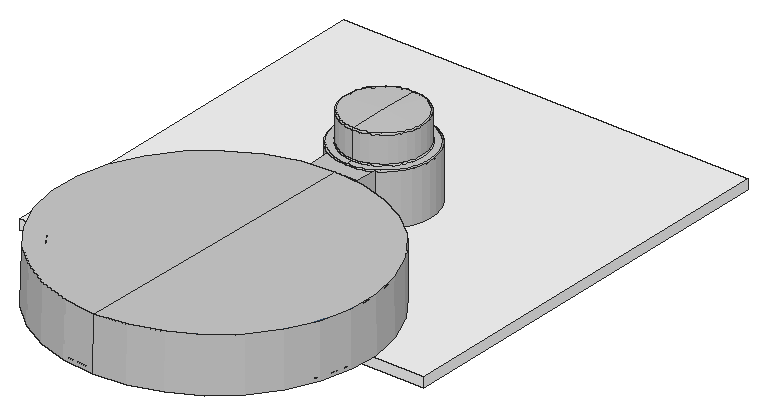
Revit family "BE_99402_de_DE", category Leuchten, Revit 2015
Parameters (values of type "BEGA_99402_Silber_K4")
  built-in parameter 1150104 = 11.679 (stored number, unit not read)
  Windangriffsfläche = "0.03 m²"
  Werkzeuglos = ""
  Wattage = 21 W
  Default Elevation = 0 mm
  built-in parameter 1150113 = 1 (stored number, unit not read)
  built-in parameter 1114218 = 1 (stored number, unit not read)
  Umgebungstemperatur = ""
  URL = "http://www.bega.de/produkt/99402"
  Typenkommentare = "© 2016 BEGA. Wir behalten uns das Recht vor, technische Änderungen ohne vorherige Ankündigung vorzunehmen."  # constant formula
  Type Image = 99402.png
  built-in parameter 1150134 = 12
  built-in parameter 1150109 = 1 (stored number, unit not read)
  Strom = ""
  built-in parameter 1150110 = 1 (stored number, unit not read)
  Spannung = 239.996 V
  Sonderanfertigung = no
  Seriennummer [instance] = "Hier können Sie die eindeutige Seriennummer für das Facility Management eintragen."
  Schutzklasse = "I"
  Schutzart = "IP 65"
  Scheinlast = 0 VA
  Produktdatenblatt = "http://www.bega.de/download/Xrfa/db/99402.db.de.pdf"
  Oberflächentemperatur = ""
  Neigungswinkel = 0.00°
  Modell = "99402A"
  Material_17 = BEGA_Reflektor
  Material_15 = BEGA_Leuchtmedium_matt
  Material_11 = BEGA_Glas_opal
  Material_10 = BEGA_Glas_matt
  Material_09 = BEGA_Glas_klar
  Material_06 = BEGA_Oberfläche_Edelstahl_gebürstet
  Material_03 = BEGA_Oberfläche_Weiss_matt
  Material_02 = BEGA_Oberfläche_Silber_matt
  Material_01 [instance] = BEGA_Oberfläche_Grafit_matt
  Mastzopfhöhe_h = ""
  Mastzopfdurchmesser_d = ""
  Mastzopf_Ø [instance] = "76 mm"  # constant formula
  Masthöhe_H = ""
  Mastdurchmesser_unten_Ø = ""
  Mast Gruppe = ""
  M_W = no
  M_G = no
  M_A = yes
  Logo = 0
  built-in parameter 1114217 = 1 (stored number, unit not read)
  built-in parameter 1150139 = (empty or 0)
  built-in parameter 1150105 = 210.08 (stored number, unit not read)
  built-in parameter 1150114 = 1 (stored number, unit not read)
  Lumens = 2639.91 lm
  Lichtpunkthöhe [instance] = ""
  built-in parameter 1150115 = 1 (stored number, unit not read)
  Leuchtenlichtstrom = "1742 lm"
  Leuchtenanzahl = ""
  Lebensdauerkriterien = "L70 = 50.000 h"
  Lastklassifizierung = Beleuchtung
  built-in parameter 1150112 = 1 (stored number, unit not read)
  Lampenlichtstrom = "2640 lm"
  Lampe = "LED 21 W"
  LED_Modulbezeichnung = "LED-0298/840, LED-0302/840 "
  built-in parameter 1150142 = (empty or 0)
  Hersteller = "BEGA"  # constant formula
  Halbstreuwinkel = ""
  Gewicht = "3.9 kg"
  Frequenz = "0/50-60 Hz"
  Farbwiedergabeindex = "Ra > 80"
  Farbtemperaturverschiebung bei Dämpfen der Lampe = <Keine Auswahl>
  Farbtemperatur = "4000 K"
  Color Filter = 16777215
  Erdstücklänge_E = ""
  built-in parameter 1150133 = 10 (stored number, unit not read)
  Energieeffizienzklasse = "LED A++ - A"
  Einstecktiefe = "50 mm"
  built-in parameter 1150137 = (empty or 0)
  built-in parameter 1150132 = (empty or 0)
  Einbauöffnung = ""
  Einbautiefe = ""
  ENEC = "ja"
  Durchmesser_Fussplatte_D = ""
  Datei für fotometrisches Netz = "BE_99402.IES"
  CE_Konformität = "ja"
  Bestellnummer = "99402A"
  Beschreibung_Sonderanfertigung = "Hier können Sie Informationen zur Sonderanfertigung eintragen."
  Beschreibung = "Aufsatzleuchte"
  built-in parameter 1150106 = 2.1008 (stored number, unit not read)
  Befestigungsbohrung = ""
  Befestigungsabstand = ""
  BEGA_Neigung_Z2 [instance] = 0.00°
  BEGA_Neigung_Z1 [instance] = 0.00°
  BEGA_Neigung_Y2 [instance] = 0.00°
  BEGA_Neigung_Y1 [instance] = 0.00°
  BEGA_Neigung_X2 [instance] = 0.00°
  BEGA_Neigung_X1 [instance] = 0.00°
  BEGA_Intern_aus = yes
  BEGA_Intern_an = yes
  BEGA_Intern_Konstruktion = yes
  BEGA_Intern = yes
  BEGA_Infotext_Winkel [instance] = no
  BEGA_IES_Z2 = 0 mm
  BEGA_IES_Z1 = 0 mm
  BEGA_IES_Y2 = 0 mm
  BEGA_IES_Y1 = 0 mm
  BEGA_IES_X2 = 0 mm
  BEGA_IES_X1 = 0 mm
  BEGA_IES3 = yes
  BEGA_IES2 = yes
  BEGA_IES1 = yes
  BEGA_IES = yes
  BEGA_Dummy = no
  Anschlussleitung = "5.0 m H05RN-F 3 G 1²"
  Anschlussleistung [instance] = "24.5 W"
  built-in parameter 1150107 = 4000 (stored number, unit not read)
  built-in parameter 1150102 = (empty or 0)
  built-in parameter 1150138 = (empty or 0)
  Aktualisierung = "2016-10-11T04:14:01"
  Abstand_zur_angestrahlten_Fläche [instance] = ""
  AC/DC = "AC/DC"
Types (4, lengths in mm): name | built-in parameter 1150104 | built-in parameter 1150134 | Modell | M_G | M_A | built-in parameter 1150105 | Lumens | Leuchtenlichtstrom | Lampenlichtstrom | LED_Modulbezeichnung | Farbtemperatur | Datei für fotometrisches Netz | Bestellnummer | built-in parameter 1150106 | built-in parameter 1150107
  BEGA_99402_Grafit_K4 | 11.679 (stored number, unit not read) | 12 | "99402" | yes | no | 210.08 (stored number, unit not read) | 2639.91 lm | "1742 lm" | "2640 lm" | "LED-0298/840, LED-0302/840 " | "4000 K" | "BE_99402.IES" | "99402" | 2.1008 (stored number, unit not read) | 4000 (stored number, unit not read)
  BEGA_99402_Grafit_K3 | 10.883 (stored number, unit not read) | (empty or 0) | "99402K3" | yes | no | 195.76 (stored number, unit not read) | 2459.94 lm | "1603 lm" | "2460 lm" | "LED-0298/830, LED-0302/830 " | "3000 K" | "BE_99402K3.IES" | "99402K3" | 1.9576 (stored number, unit not read) | 3000 (stored number, unit not read)
  BEGA_99402_Silber_K4 | 11.679 (stored number, unit not read) | 12 | "99402A" | no | yes | 210.08 (stored number, unit not read) | 2639.91 lm | "1742 lm" | "2640 lm" | "LED-0298/840, LED-0302/840 " | "4000 K" | "BE_99402.IES" | "99402A" | 2.1008 (stored number, unit not read) | 4000 (stored number, unit not read)
  BEGA_99402_Silber_K3 | 10.883 (stored number, unit not read) | (empty or 0) | "99402AK3" | no | yes | 195.76 (stored number, unit not read) | 2459.94 lm | "1603 lm" | "2460 lm" | "LED-0298/830, LED-0302/830 " | "3000 K" | "BE_99402K3.IES" | "99402AK3" | 1.9576 (stored number, unit not read) | 3000 (stored number, unit not read)
Reference planes
  plane 1 "Mitte (Vorne/Hinten)": y = 0
  plane 2: z = 0
  plane 3 "Mitte (Links/Rechts)": x = 0
  plane 4 "Links": x = -150.016
  plane 5 "Rechts": x = 150.016
  plane 6 "Unten": y = -359.989
  plane 7 "Oben": y = 46.5
  plane 8 "Vorne": z = 79.233
  plane 9 "Hinten": z = -19.426
Forms (mm)
  Extrusion 1, solid, material "BEGA_Platte_Weiss"
    sketch origin (0, -1119.2, 0) x (1, 0, 0) y (0, 1, 0)
      loop
        line (-200, 1319.2) -> (-200, 919.2) -> (200, 919.2) -> (200, 1319.2) -> (-200, 1319.2)
    from 0 to -10
  Extrusion 2, solid, material "BEGA_Dummy_matt", visible <- "BEGA_Dummy"
    sketch origin (80.095, -76.023, 0) x (1, 0, 0) y (0, 1, 0)
      loop
        line (-230.111, 122.523) -> (-230.111, -283.966) -> (69.92, -283.966) -> (69.92, 122.523) -> (-230.111, 122.523)
    from 0 to 79.233
Dimensions and locks
  plane 1 "Mitte (Vorne/Hinten)" to Extrusion 1 = 200 mm
  aligned and locked: plane 2 to Extrusion 1
  aligned and locked: level to Extrusion 1
Nested families
  nested 1: "BE_99402" at (0, -210.012, 0) x (0, 1, 0) z (0, 0, 1), type "BE_99402"
Connectors
  electrical at (0, 0, 0), driven by "Lastklassifizierung", driven by "Spannung", driven by "Scheinlast"
    settings: index 1, voltage 239.996 V, apparent load 0 VA, apparent load phase1 0 VA, apparent load phase2 0 VA, apparent load phase3 0 VA, power factor 1, load classification "Beleuchtung", number of poles 1, system type 31, power factor state 1, is connector primary yes, connector utility no, sub classification motor no, connector description ""
Definition of nested family "BE_99402"
  Parameters (values of type "BE_99402")
    Default Elevation = 1 mm
    URL = "http://www.bega.de/de/produkt"
    Type Comments = "© 2015 BEGA. Wir behalten uns das Recht vor, technische Änderungen ohne vorherige Ankündigung vorzunehmen. "  # constant formula
    Type Image = (empty or 0)
    Material_17 = none
    Material_15 = none
    Material_11 = none
    Material_10 = none
    Material_09 = none
    Material_06 = none
    Material_03 = none
    Material_02 = none
    Material_01 = none
    M_W = yes
    M_G = yes
    M_A = yes
    Länge_Platte = 600 mm  # constant formula
    Höhe_Platte = -10 mm  # constant formula
    Manufacturer = "BEGA"  # constant formula
    Breite_Platte = 400 mm  # constant formula
  Reference planes
    plane 1 "Mitte (Oben/Unten)": y = 0
    plane 2: z = 0
    plane 3 "Mitte (Links/Rechts)": x = 0
    plane 4 "Vorne": z = 79.233
    plane 5 "Hinten": z = -19.426
    plane 6 "Unten": y = -150.016
    plane 7: x = -149.977
    plane 8: x = 256.512
    plane 9: y = 150.016
  Forms (mm)
    Extrusion 1, solid, detail levels medium
      sketch origin (0, 0, 0) x (1, 0, 0) y (0, 1, 0)
        loop
          line (-300, 200) -> (-300, -200) -> (300, -200) -> (300, 200) -> (-300, 200)
      from 0 to -10 <- "Höhe_Platte"
    Revolve 2, solid, material <- "Material_01", visible <- "M_G", detail levels medium+fine
      sketch origin (0, 0, 0) x (0.999848, 0, -0.017452) y (0.017452, 0, 0.999848)
        loop
          line (-150, 0) -> (-146.753, 0) -> (-146.425, 18.8) -> (-131.5, 18.8) -> (-131.02, 46.3) -> (0, 46.3) -> (0, 53) -> (-149.075, 53) -> (-150, 0)
        axis (0, 53) -> (0, 0)
      angle from 0 to 360
    Revolve 3, solid, material <- "Material_01", visible <- "M_G", detail levels medium+fine
      sketch origin (0, 0, 0) x (0.999848, 0, -0.017452) y (0.017452, 0, 0.999848)
        loop
          line (146.087, 8.3) -> (128.675, 8.3) -> (128.493, 3.1) -> (124.364, 3.1) -> (124.45, 1.447)
          arc (124.45, 1.447) -> (124.762, 0.773) -> (125.452, 0.5) r 1
          line (125.452, 0.5) -> (144.848, 0.5)
          arc (144.848, 0.5) -> (145.543, 0.78) -> (145.849, 1.465) r 1
          line (145.849, 1.465) -> (146.087, 8.3)
        axis (0, 0.5) -> (0, 8.3)
      angle from 0 to 360
    Revolve 4, solid, material <- "Material_10", detail levels medium+fine
      sketch origin (0, 0, 0) x (0.999848, 0, -0.017452) y (0.017452, 0, 0.999848)
        loop
          line (-128, 7.4) -> (-128, 3.4) -> (0, 3.4) -> (0, 7.4) -> (-128, 7.4)
        axis (0, 7.4) -> (0, 3.4)
      angle from 0 to 360
    Revolve 5, solid, material <- "Material_01", visible <- "M_G", detail levels medium+fine
      sketch origin (0, 0, 0) x (0.999848, 0, -0.017452) y (0.017452, 0, 0.999848)
        loop
          line (256.812, -14.947) -> (255.607, 54.077)
          arc (255.607, 54.077) -> (255.315, 54.766) -> (254.626, 55.06) r 1
          line (254.626, 55.06) -> (248.051, 55.174)
          arc (248.051, 55.174) -> (247.362, 55.467) -> (247.07, 56.157) r 1
          line (247.07, 56.157) -> (246.62, 81.908)
          arc (246.62, 81.908) -> (246.321, 82.603) -> (245.62, 82.89) r 1
          line (245.62, 82.89) -> (208.597, 82.89) -> (208.659, 79.349) -> (239.682, 79.89)
          arc (239.682, 79.89) -> (241.06, 79.34) -> (241.68, 77.992) r 2
          line (241.68, 77.992) -> (243.157, 49.791)
          arc (243.157, 49.791) -> (243.474, 49.111) -> (244.174, 48.843) r 1
          line (244.174, 48.843) -> (246.714, 48.887)
          arc (246.714, 48.887) -> (247.419, 48.613) -> (247.731, 47.923) r 1
          line (247.731, 47.923) -> (249.93, -15.067) -> (256.812, -14.947)
        axis (208.597, 82.89) -> (210.319, -15.758)
      angle from 0 to 360
    Extrusion 6, solid, material <- "Material_01", visible <- "M_G", detail levels medium+fine
      sketch origin (0, 0, 0) x (0.999848, 0, -0.017452) y (0, 1, 0)
        loop
          arc (147.345, 22.644) -> (148.642, 11.355) -> (149.075, 0) r 149.075
          arc (149.075, 0) -> (148.642, -11.355) -> (147.345, -22.644) r 149.075
          line (147.345, -22.644) -> (170.134, -23.439)
          arc (170.134, -23.439) -> (163.797, 0) -> (170.134, 23.439) r 46.522
          line (170.134, 23.439) -> (147.345, 22.644)
      from 1.885 to 53
    Revolve 7, void
      sketch origin (-0.146, 0, -8.367) x (0.999848, 0, -0.017452) y (0, 1, 0)
        loop
          line (210.319, -37.973) -> (206.13, -37.973) -> (206.13, -47.514) -> (210.319, -47.514) -> (210.319, -37.973)
        axis (210.319, -47.514) -> (210.319, -37.973)
      angle from 0 to 360
    Revolve 8, void
      sketch origin (315.285, 182.142, -13.873) x (-0.499924, -0.866025, 0.008726) y (0.865894, -0.5, -0.015114)
        loop
          line (210.319, -37.973) -> (206.13, -37.973) -> (206.13, -47.514) -> (210.319, -47.514) -> (210.319, -37.973)
        axis (210.319, -47.514) -> (210.319, -37.973)
      angle from 0 to 360
    Revolve 9, void
      sketch origin (315.285, -182.142, -13.873) x (-0.499924, 0.866025, 0.008726) y (-0.865894, -0.5, 0.015114)
        loop
          line (210.319, -37.973) -> (206.13, -37.973) -> (206.13, -47.514) -> (210.319, -47.514) -> (210.319, -37.973)
        axis (210.319, -47.514) -> (210.319, -37.973)
      angle from 0 to 360
    Extrusion 10, solid, material <- "Material_06", detail levels fine
      sketch origin (0, 0, 0) x (0.999848, 0, -0.017452) y (0.017452, 0, 0.999848)
        loop
          circle (210.319, -8.368) r 4
      from 37.828 to 46.437
    Extrusion 11, solid, material <- "Material_06", detail levels fine
      sketch origin (315.431, 182.142, -5.506) x (-0.499924, -0.866025, 0.008726) y (0.017452, 0, 0.999848)
        loop
          circle (210.319, -8.368) r 4
      from 37.828 to 46.437
    Extrusion 12, solid, material <- "Material_06", detail levels fine
      sketch origin (315.431, -182.142, -5.506) x (-0.499924, 0.866025, 0.008726) y (0.017452, 0, 0.999848)
        loop
          circle (210.319, -8.368) r 4
      from 37.828 to 46.437
    Revolve 13, void
      sketch origin (0, 0, 0) x (0.999848, 0, -0.017452) y (0.017452, 0, 0.999848)
        loop
          line (-135.5, 0.3) -> (-135.5, 3.748) -> (-140.262, 3.748) -> (-140.262, 0.3) -> (-135.5, 0.3)
        axis (-135.5, 3.748) -> (-135.5, 0.3)
      angle from 0 to 360
    Revolve 14, void
      sketch origin (0, 0, 0) x (-0.499924, -0.866025, 0.008726) y (0.017452, 0, 0.999848)
        loop
          line (-135.5, 0.3) -> (-135.5, 3.748) -> (-140.262, 3.748) -> (-140.262, 0.3) -> (-135.5, 0.3)
        axis (-135.5, 3.748) -> (-135.5, 0.3)
      angle from 0 to 360
    Revolve 15, void
      sketch origin (0, 0, 0) x (-0.499924, 0.866025, 0.008726) y (0.017452, 0, 0.999848)
        loop
          line (-135.5, 0.3) -> (-135.5, 3.748) -> (-140.262, 3.748) -> (-140.262, 0.3) -> (-135.5, 0.3)
        axis (-135.5, 3.748) -> (-135.5, 0.3)
      angle from 0 to 360
    Revolve 16, solid, material <- "Material_06", detail levels fine
      sketch origin (0, 0, 0) x (0.999848, 0, -0.017452) y (0.017452, 0, 0.999848)
        loop
          line (-135.5, 3.748) -> (-139.75, 3.748) -> (-139.75, 0.3) -> (-135.5, 0.3) -> (-135.5, 3.748)
        axis (-135.5, 3.748) -> (-135.5, 0.3)
      angle from 0 to 360
    Revolve 17, solid, material <- "Material_06", detail levels fine
      sketch origin (0, 0, 0) x (-0.499924, -0.866025, 0.008726) y (0.017452, 0, 0.999848)
        loop
          line (-135.5, 3.748) -> (-139.75, 3.748) -> (-139.75, 0.3) -> (-135.5, 0.3) -> (-135.5, 3.748)
        axis (-135.5, 3.748) -> (-135.5, 0.3)
      angle from 0 to 360
    Revolve 18, solid, material <- "Material_06", detail levels fine
      sketch origin (0, 0, 0) x (-0.499924, 0.866025, 0.008726) y (0.017452, 0, 0.999848)
        loop
          line (-135.5, 3.748) -> (-139.75, 3.748) -> (-139.75, 0.3) -> (-135.5, 0.3) -> (-135.5, 3.748)
        axis (-135.5, 3.748) -> (-135.5, 0.3)
      angle from 0 to 360
    Revolve 19, solid, material <- "Material_02", visible <- "M_A", detail levels medium+fine
      sketch origin (0, 0, 0) x (0.999848, 0, -0.017452) y (0.017452, 0, 0.999848)
        loop
          line (-150, 0) -> (-146.753, 0) -> (-146.425, 18.8) -> (-131.5, 18.8) -> (-131.02, 46.3) -> (0, 46.3) -> (0, 53) -> (-149.075, 53) -> (-150, 0)
        axis (0, 53) -> (0, 0)
      angle from 0 to 360
    Revolve 20, solid, material <- "Material_02", visible <- "M_A", detail levels medium+fine
      sketch origin (0, 0, 0) x (0.999848, 0, -0.017452) y (0.017452, 0, 0.999848)
        loop
          line (146.087, 8.3) -> (128.675, 8.3) -> (128.493, 3.1) -> (124.364, 3.1) -> (124.45, 1.447)
          arc (124.45, 1.447) -> (124.762, 0.773) -> (125.452, 0.5) r 1
          line (125.452, 0.5) -> (144.848, 0.5)
          arc (144.848, 0.5) -> (145.543, 0.78) -> (145.849, 1.465) r 1
          line (145.849, 1.465) -> (146.087, 8.3)
        axis (0, 0.5) -> (0, 8.3)
      angle from 0 to 360
    Revolve 21, solid, material <- "Material_02", visible <- "M_A", detail levels medium+fine
      sketch origin (0, 0, 0) x (0.999848, 0, -0.017452) y (0.017452, 0, 0.999848)
        loop
          line (256.812, -14.947) -> (255.607, 54.077)
          arc (255.607, 54.077) -> (255.315, 54.766) -> (254.626, 55.06) r 1
          line (254.626, 55.06) -> (248.051, 55.174)
          arc (248.051, 55.174) -> (247.362, 55.467) -> (247.07, 56.157) r 1
          line (247.07, 56.157) -> (246.62, 81.908)
          arc (246.62, 81.908) -> (246.321, 82.603) -> (245.62, 82.89) r 1
          line (245.62, 82.89) -> (208.597, 82.89) -> (208.659, 79.349) -> (239.682, 79.89)
          arc (239.682, 79.89) -> (241.06, 79.34) -> (241.68, 77.992) r 2
          line (241.68, 77.992) -> (243.157, 49.791)
          arc (243.157, 49.791) -> (243.474, 49.111) -> (244.174, 48.843) r 1
          line (244.174, 48.843) -> (246.714, 48.887)
          arc (246.714, 48.887) -> (247.419, 48.613) -> (247.731, 47.923) r 1
          line (247.731, 47.923) -> (249.93, -15.067) -> (256.812, -14.947)
        axis (208.597, 82.89) -> (210.319, -15.758)
      angle from 0 to 360
    Extrusion 22, solid, material <- "Material_02", visible <- "M_A", detail levels medium+fine
      sketch origin (0, 0, 0) x (0.999848, 0, -0.017452) y (0, 1, 0)
        loop
          arc (147.345, 22.644) -> (148.642, 11.355) -> (149.075, 0) r 149.075
          arc (149.075, 0) -> (148.642, -11.355) -> (147.345, -22.644) r 149.075
          line (147.345, -22.644) -> (170.134, -23.439)
          arc (170.134, -23.439) -> (163.797, 0) -> (170.134, 23.439) r 46.522
          line (170.134, 23.439) -> (147.345, 22.644)
      from 1.885 to 53
  Cuts and joins
    Revolve 7, Revolve 8, Revolve 9 cuts Revolve 5
    Revolve 7, Revolve 8, Revolve 9 cuts Extrusion 6
    joined: Revolve 5, Extrusion 6
    Revolve 13, Revolve 14, Revolve 15 cuts Revolve 3
    Revolve 13, Revolve 14, Revolve 15 cuts Revolve 20
    Revolve 7, Revolve 8, Revolve 9 cuts Revolve 21
    joined: Revolve 21, Extrusion 22
  Dimensions and locks
    equal spacing: Extrusion 1 sketch curve, plane 3 "Mitte (Links/Rechts)", Extrusion 1 sketch curve
    equal spacing: Extrusion 1 sketch curve, plane 1 "Mitte (Oben/Unten)", Extrusion 1 sketch curve
    "Länge_Platte": Extrusion 1 sketch curve to Extrusion 1 sketch curve
    "Breite_Platte": Extrusion 1 sketch curve to Extrusion 1 sketch curve
    aligned and locked: Extrusion 1 to plane 2
    aligned and locked: level to Extrusion 1
  Automatic sketch dimensions
    level to Revolve 2 sketch curve = 2.618 mm
    Revolve 2 sketch curve to Revolve 2 sketch curve = 0.925 mm
    Revolve 2 sketch curve to Revolve 2 sketch curve = 3.247 mm
    Revolve 2 sketch curve to Revolve 2 sketch curve = 0.328 mm
    Revolve 2 sketch curve to Revolve 2 sketch curve = 14.925 mm
    Revolve 2 sketch curve to Revolve 2 sketch curve = 18.055 mm
    Revolve 2 sketch curve to Revolve 2 sketch curve = 131.02 mm
    Revolve 2 sketch curve to Revolve 2 sketch curve = 18.8 mm
    Revolve 2 sketch curve to Revolve 2 sketch curve = 0 mm  (x3)
    Revolve 2 sketch curve to Revolve 2 sketch curve = 27.5 mm
    Revolve 2 sketch curve to Revolve 2 sketch curve = 6.7 mm  (x2)
    Revolve 2 sketch curve to Revolve 2 sketch curve = 9.349 mm
    Revolve 2 sketch curve to Revolve 2 sketch curve = 10.677 mm
    level to Revolve 3 sketch curve = 0.929 mm
    Revolve 3 sketch curve to Revolve 3 sketch curve = 0.087 mm
    Revolve 3 sketch curve to Revolve 3 sketch curve = 0.999 mm  (x2)
    Revolve 3 sketch curve to Revolve 3 sketch curve = 0.003 mm
    Revolve 3 sketch curve to Revolve 3 sketch curve = 3.044 mm
    Revolve 3 sketch curve to Revolve 3 sketch curve = 0.182 mm
    Revolve 3 sketch curve to Revolve 3 sketch curve = 16.355 mm
    Revolve 3 sketch curve to Revolve 3 sketch curve = 0.001 mm
    Revolve 3 sketch curve to Revolve 3 sketch curve = 1.238 mm
    Revolve 3 sketch curve to Revolve 3 sketch curve = 1.6 mm  (x2)
    Revolve 3 sketch curve to Revolve 3 sketch curve = 0 mm  (x3)
    Revolve 3 sketch curve to Revolve 3 sketch curve = 0.053 mm
    Revolve 3 sketch curve to Revolve 3 sketch curve = 1 mm
    Revolve 3 sketch curve to Revolve 3 sketch curve = 5.2 mm
    Revolve 3 sketch curve to Revolve 3 sketch curve = 124.364 mm
    Revolve 3 sketch curve to Revolve 3 sketch curve = 5 mm
    Revolve 3 sketch curve to Revolve 3 sketch curve = 20.7 mm
    level to Revolve 4 sketch curve = 5.633 mm
    Revolve 4 sketch curve to Revolve 4 sketch curve = 0 mm  (x3)
    Revolve 4 sketch curve to Revolve 4 sketch curve = 128 mm
    Revolve 4 sketch curve to Revolve 4 sketch curve = 4 mm  (x2)
    Revolve 4 sketch curve to Revolve 4 sketch curve = 5.591 mm
    Revolve 4 sketch curve to Revolve 4 sketch curve = 1.69 mm
    level to Revolve 5 sketch curve = 79.237 mm
    Revolve 5 sketch curve to Revolve 5 sketch curve = 0.062 mm
    Revolve 5 sketch curve to Revolve 5 sketch curve = 31.023 mm
    Revolve 5 sketch curve to Revolve 5 sketch curve = 0 mm  (x8)
    Revolve 5 sketch curve to Revolve 5 sketch curve = 1.997 mm
    Revolve 5 sketch curve to Revolve 5 sketch curve = 1.478 mm
    Revolve 5 sketch curve to Revolve 5 sketch curve = 0.999 mm  (x2)
    Revolve 5 sketch curve to Revolve 5 sketch curve = 0.017 mm  (x4)
    Revolve 5 sketch curve to Revolve 5 sketch curve = 3.941 mm
    Revolve 5 sketch curve to Revolve 5 sketch curve = 1 mm  (x3)
    Revolve 5 sketch curve to Revolve 5 sketch curve = 2.54 mm
    Revolve 5 sketch curve to Revolve 5 sketch curve = 2.913 mm
    Revolve 5 sketch curve to Revolve 5 sketch curve = 0.982 mm  (x2)
    Revolve 5 sketch curve to Revolve 5 sketch curve = 2.2 mm
    Revolve 5 sketch curve to Revolve 5 sketch curve = 6.556 mm
    Revolve 5 sketch curve to Revolve 5 sketch curve = 0.019 mm
    Revolve 5 sketch curve to Revolve 5 sketch curve = 6.882 mm
    Revolve 5 sketch curve to Revolve 5 sketch curve = 0.983 mm
    Revolve 5 sketch curve to Revolve 5 sketch curve = 2 mm
    Revolve 5 sketch curve to Revolve 5 sketch curve = 1.898 mm
    Revolve 5 sketch curve to Revolve 5 sketch curve = 21.818 mm
    Revolve 5 sketch curve to Revolve 5 sketch curve = 0.115 mm
    Revolve 5 sketch curve to Revolve 5 sketch curve = 5.332 mm
    Revolve 5 sketch curve to Revolve 5 sketch curve = 0.051 mm
    Revolve 5 sketch curve to Revolve 5 sketch curve = 0.044 mm
    Revolve 5 sketch curve to Revolve 5 sketch curve = 0.964 mm
    Revolve 5 sketch curve to Revolve 5 sketch curve = 62.87 mm
    Extrusion 6 sketch curve to Extrusion 6 sketch curve = 0 mm  (x2)
    plane 1 "Mitte (Oben/Unten)" to Extrusion 6 sketch curve = 0 mm  (x2)
    Extrusion 6 sketch curve to plane 1 "Mitte (Oben/Unten)" = 22.644 mm
    Extrusion 6 sketch curve to Extrusion 6 sketch curve = 147.345 mm
    plane 1 "Mitte (Oben/Unten)" to Extrusion 6 sketch curve = 22.644 mm
    Extrusion 6 sketch curve to plane 1 "Mitte (Oben/Unten)" = 23.439 mm
    Extrusion 6 sketch curve to Extrusion 6 sketch curve = 22.788 mm
    plane 1 "Mitte (Oben/Unten)" to Extrusion 6 sketch curve = 23.439 mm
    Extrusion 6 sketch curve to Extrusion 6 sketch curve = 40.186 mm
    plane 1 "Mitte (Oben/Unten)" to Revolve 7 sketch curve = 37.973 mm
    Revolve 7 sketch curve to Revolve 7 sketch curve = 4.189 mm
    Revolve 7 sketch curve to Revolve 7 sketch curve = 9.542 mm
    Revolve 7 sketch curve to Revolve 7 sketch curve = 0 mm  (x3)
    Revolve 8 sketch curve to plane 1 "Mitte (Oben/Unten)" = 22.615 mm
    Revolve 8 sketch curve to Revolve 8 sketch curve = 4.189 mm
    Revolve 8 sketch curve to Revolve 8 sketch curve = 9.542 mm
    Revolve 8 sketch curve to Revolve 8 sketch curve = 0 mm  (x3)
    Revolve 9 sketch curve to plane 1 "Mitte (Oben/Unten)" = 15.358 mm
    Revolve 9 sketch curve to Revolve 9 sketch curve = 4.189 mm
    Revolve 9 sketch curve to Revolve 9 sketch curve = 9.542 mm
    Revolve 9 sketch curve to Revolve 9 sketch curve = 0 mm  (x3)
    Extrusion 10 sketch curve to level = 12.038 mm
    level to Revolve 13 sketch curve = 2.748 mm
    Revolve 13 sketch curve to Revolve 13 sketch curve = 4.762 mm
    Revolve 13 sketch curve to Revolve 13 sketch curve = 3.448 mm
    Revolve 13 sketch curve to Revolve 13 sketch curve = 0 mm  (x3)
    Revolve 14 sketch curve to Revolve 14 sketch curve = 4.762 mm
    Revolve 14 sketch curve to Revolve 14 sketch curve = 3.448 mm
    Revolve 14 sketch curve to Revolve 14 sketch curve = 0 mm  (x3)
    Revolve 15 sketch curve to Revolve 15 sketch curve = 4.762 mm
    Revolve 15 sketch curve to Revolve 15 sketch curve = 3.448 mm
    Revolve 15 sketch curve to Revolve 15 sketch curve = 0 mm  (x3)
    level to Revolve 16 sketch curve = 6.186 mm
    Revolve 16 sketch curve to Revolve 16 sketch curve = 4.25 mm
    Revolve 16 sketch curve to Revolve 16 sketch curve = 3.448 mm
    Revolve 16 sketch curve to Revolve 16 sketch curve = 0 mm  (x3)
    Revolve 17 sketch curve to Revolve 17 sketch curve = 4.25 mm
    Revolve 17 sketch curve to Revolve 17 sketch curve = 3.448 mm
    Revolve 17 sketch curve to Revolve 17 sketch curve = 0 mm  (x3)
    Revolve 18 sketch curve to Revolve 18 sketch curve = 4.25 mm
    Revolve 18 sketch curve to Revolve 18 sketch curve = 3.448 mm
    Revolve 18 sketch curve to Revolve 18 sketch curve = 0 mm  (x3)
    level to Revolve 19 sketch curve = 2.618 mm
    Revolve 19 sketch curve to Revolve 19 sketch curve = 0.925 mm
    Revolve 19 sketch curve to Revolve 19 sketch curve = 3.247 mm
    Revolve 19 sketch curve to Revolve 19 sketch curve = 0.328 mm
    Revolve 19 sketch curve to Revolve 19 sketch curve = 14.925 mm
    Revolve 19 sketch curve to Revolve 19 sketch curve = 18.055 mm
    Revolve 19 sketch curve to Revolve 19 sketch curve = 131.02 mm
    Revolve 19 sketch curve to Revolve 19 sketch curve = 18.8 mm
    Revolve 19 sketch curve to Revolve 19 sketch curve = 0 mm  (x3)
    Revolve 19 sketch curve to Revolve 19 sketch curve = 27.5 mm
    Revolve 19 sketch curve to Revolve 19 sketch curve = 6.7 mm  (x2)
    Revolve 19 sketch curve to Revolve 19 sketch curve = 9.349 mm
    Revolve 19 sketch curve to Revolve 19 sketch curve = 10.677 mm
    level to Revolve 20 sketch curve = 0.929 mm
    Revolve 20 sketch curve to Revolve 20 sketch curve = 0.087 mm
    Revolve 20 sketch curve to Revolve 20 sketch curve = 0.999 mm  (x2)
    Revolve 20 sketch curve to Revolve 20 sketch curve = 0.003 mm
    Revolve 20 sketch curve to Revolve 20 sketch curve = 3.044 mm
    Revolve 20 sketch curve to Revolve 20 sketch curve = 0.182 mm
    Revolve 20 sketch curve to Revolve 20 sketch curve = 16.355 mm
    Revolve 20 sketch curve to Revolve 20 sketch curve = 0.001 mm
    Revolve 20 sketch curve to Revolve 20 sketch curve = 1.238 mm
    Revolve 20 sketch curve to Revolve 20 sketch curve = 1.6 mm  (x2)
    Revolve 20 sketch curve to Revolve 20 sketch curve = 0 mm  (x3)
    Revolve 20 sketch curve to Revolve 20 sketch curve = 0.053 mm
    Revolve 20 sketch curve to Revolve 20 sketch curve = 1 mm
    Revolve 20 sketch curve to Revolve 20 sketch curve = 5.2 mm
    Revolve 20 sketch curve to Revolve 20 sketch curve = 124.364 mm
    Revolve 20 sketch curve to Revolve 20 sketch curve = 5 mm
    Revolve 20 sketch curve to Revolve 20 sketch curve = 20.7 mm
    level to Revolve 21 sketch curve = 79.237 mm
    Revolve 21 sketch curve to Revolve 21 sketch curve = 0.062 mm
    Revolve 21 sketch curve to Revolve 21 sketch curve = 31.023 mm
    Revolve 21 sketch curve to Revolve 21 sketch curve = 0 mm  (x8)
    Revolve 21 sketch curve to Revolve 21 sketch curve = 1.997 mm
    Revolve 21 sketch curve to Revolve 21 sketch curve = 1.478 mm
    Revolve 21 sketch curve to Revolve 21 sketch curve = 0.999 mm  (x2)
    Revolve 21 sketch curve to Revolve 21 sketch curve = 0.017 mm  (x4)
    Revolve 21 sketch curve to Revolve 21 sketch curve = 3.941 mm
    Revolve 21 sketch curve to Revolve 21 sketch curve = 1 mm  (x3)
    Revolve 21 sketch curve to Revolve 21 sketch curve = 2.54 mm
    Revolve 21 sketch curve to Revolve 21 sketch curve = 2.913 mm
    Revolve 21 sketch curve to Revolve 21 sketch curve = 0.982 mm  (x2)
    Revolve 21 sketch curve to Revolve 21 sketch curve = 2.2 mm
    Revolve 21 sketch curve to Revolve 21 sketch curve = 6.556 mm
    Revolve 21 sketch curve to Revolve 21 sketch curve = 0.019 mm
    Revolve 21 sketch curve to Revolve 21 sketch curve = 6.882 mm
    Revolve 21 sketch curve to Revolve 21 sketch curve = 0.983 mm
    Revolve 21 sketch curve to Revolve 21 sketch curve = 2 mm
    Revolve 21 sketch curve to Revolve 21 sketch curve = 1.898 mm
    Revolve 21 sketch curve to Revolve 21 sketch curve = 21.818 mm
    Revolve 21 sketch curve to Revolve 21 sketch curve = 0.115 mm
    Revolve 21 sketch curve to Revolve 21 sketch curve = 5.332 mm
    Revolve 21 sketch curve to Revolve 21 sketch curve = 0.051 mm
    Revolve 21 sketch curve to Revolve 21 sketch curve = 0.044 mm
    Revolve 21 sketch curve to Revolve 21 sketch curve = 0.964 mm
    Revolve 21 sketch curve to Revolve 21 sketch curve = 62.87 mm
    Extrusion 22 sketch curve to Extrusion 22 sketch curve = 0 mm  (x2)
    plane 1 "Mitte (Oben/Unten)" to Extrusion 22 sketch curve = 0 mm  (x2)
    Extrusion 22 sketch curve to plane 1 "Mitte (Oben/Unten)" = 22.644 mm
    Extrusion 22 sketch curve to Extrusion 22 sketch curve = 147.345 mm
    plane 1 "Mitte (Oben/Unten)" to Extrusion 22 sketch curve = 22.644 mm
    Extrusion 22 sketch curve to plane 1 "Mitte (Oben/Unten)" = 23.439 mm
    Extrusion 22 sketch curve to Extrusion 22 sketch curve = 22.788 mm
    plane 1 "Mitte (Oben/Unten)" to Extrusion 22 sketch curve = 23.439 mm
    Extrusion 22 sketch curve to Extrusion 22 sketch curve = 40.186 mm
    Revolve 2 sketch curve to plane 3 "Mitte (Links/Rechts)" = 149.977 mm
    Revolve 4 sketch curve to plane 3 "Mitte (Links/Rechts)" = 127.921 mm
    Revolve 13 sketch curve to plane 3 "Mitte (Links/Rechts)" = 140.235 mm
    Revolve 16 sketch curve to plane 3 "Mitte (Links/Rechts)" = 139.663 mm
    Revolve 19 sketch curve to plane 3 "Mitte (Links/Rechts)" = 149.977 mm
    plane 3 "Mitte (Links/Rechts)" to Revolve 3 sketch curve = 124.399 mm
    plane 3 "Mitte (Links/Rechts)" to Revolve 5 sketch curve = 210.012 mm
    plane 3 "Mitte (Links/Rechts)" to Extrusion 10 sketch curve = 210.141 mm
    plane 3 "Mitte (Links/Rechts)" to Revolve 20 sketch curve = 124.399 mm
    plane 3 "Mitte (Links/Rechts)" to Revolve 21 sketch curve = 210.012 mm
    radius of Extrusion 10 sketch curve = 4 mm
    radius of Extrusion 11 sketch curve = 4 mm
    radius of Extrusion 12 sketch curve = 4 mm
